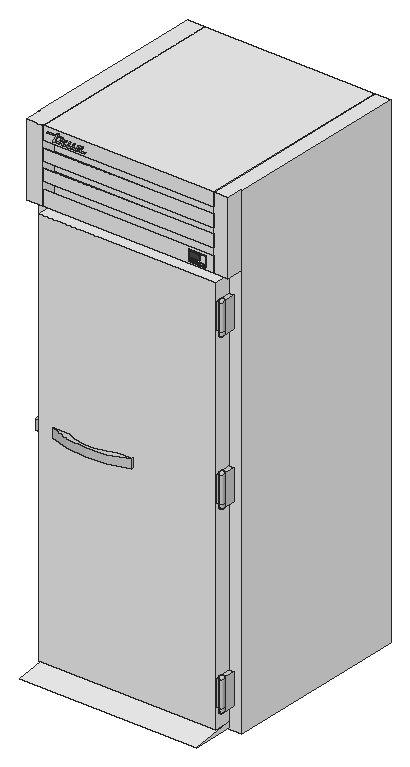
Revit family
Parameters
  Weight in Pounds = 0
  Watts = 2000 W
  Volts = 115 V
  URL Cutsheet = "www.truemfg.com"
  URL = "www.truemfg.com"
  Type Mark [instance] = ""
  Type Comments = ""
  Status [instance] = ""
  Specification by User [instance] = ""
  Specification by Manufacturer = ""
  Show Logo [instance] = yes
  Show Clearance [instance] = yes
  Serial Number = ""
  Seismic Rating = ""
  SMACNA No = ""
  Revision Code [instance] = ""
  Phase = 1
  Omniclass Number and Title = ""
  Number of Poles [instance] = 1
  NAFEM Spec ID Number = ""
  Model = "STR1HRI-1S"
  Min Ckt Ampacity = 0 A
  Max Overcurrent Protection = 0 A
  Masterspec = ""
  Manufacturer = "TRUE FOOD SERVICE EQUIPMENT, INC."
  Length = 35"
  Item Number [instance] = ""
  Installed By [instance] = ""
  Identify Quantity as Lot [instance] = yes
  Height = 83 3/4"
  HP = ""
  Furnished By [instance] = ""
  Foodservice Equipment Identifier [instance] = yes
  FL Amps = Watts / Volts  # 17.3913 A
  Electrical Remarks [instance] = ""
  Electric Connection Type [instance] = ""
  Elec Conn RI Height [instance] = 0"
  Elec Conn Connection Height [instance] = 0"
  Description = "Reach-in Solid Swing Heated Cabinet"
  Depth = 34 3/4"
  Cycle = 60 Hz
  Conn Plug = "14-20P"
  Conn Conduit = yes
  CSI MasterFormat = ""
  CSI Master Format = ""
  Apparent Power = if(Phase = 3, Volts * FL Amps * 1.73, Volts * FL Amps)  # 2000 VA
Reference planes (in)
  plane 1 "BACK": y = 0
  plane 2: z = 0
  plane 3 "LEFT": x = 0
  plane 4 "RIGHT": x = 35
  plane 5 "FRONT": y = -34.75
  plane 6 "TOP": z = 83.75
  plane 7: x = 2.84375
  plane 8: y = -34.7042
  plane 9: x = 32.15625
  plane 10: z = 69.90625
Forms (in)
  Extrusion 1, solid, material "QF_Finishes_Chrome - Satin"
    sketch origin (0.05, 0, 0) x (1, 0, 0) y (0, 1, 0)
      loop
        line (-0.05, 0) -> (-0.05, -32) -> (2.87859, -32) -> (2.87859, 0) -> (-0.05, 0)
    from 0 to 83.75
  Extrusion 2, solid, material "QF_Finishes_Chrome - Satin"
    sketch origin (50.15, 0, 0) x (1, 0, 0) y (0, 1, 0)
      loop
        line (-17.85, 0) -> (-17.85, -32) -> (-15.15, -32) -> (-15.15, 0) -> (-17.85, 0)
    from 0 to 83.75
  Extrusion 3, solid, material "QF_Finishes_Chrome - Satin"
    sketch origin (0, 0, 0) x (0, 1, 0) y (0, 0, 1)
      loop
        line (-34.7042, 71.28125) -> (-32, 71.28125) -> (-32, 0) -> (0, 0) -> (0, 83.75) -> (-34.7042, 83.75) -> (-34.7042, 81.46828) -> (-32.5, 79.90102) -> (-32.5, 78.77875) -> (-34.7042, 80.34601) -> (-34.7042, 78.2123) -> (-32.5, 76.64504) -> (-32.5, 75.68428) -> (-34.7042, 77.25154) -> (-34.7042, 75.15534) -> (-32.5, 73.58807) -> (-32.5, 72.3125) -> (-34.7042, 73.87976) -> (-34.7042, 71.28125)
    from 2.92859 to 32.3
  Extrusion 4, solid, material "QF_Finishes_Chrome - Satin"
    sketch origin (0, 0, 0) x (1, 0, 0) y (0, 1, 0)
      loop
        line (34.84782, -32) -> (32.3, -32) -> (32.3, -34.75) -> (34.84782, -34.75) -> (34.84782, -32)
    from 71.28125 to 83.75
  Extrusion 5, solid, material "QF_Finishes_Chrome - Satin"
    sketch origin (-50.125, 0, 0.25) x (1, 0, 0) y (0, 1, 0)
      loop
        line (53.05359, -32) -> (50.24109, -32) -> (50.24109, -34.75) -> (53.05359, -34.75) -> (53.05359, -32)
    from 71.03125 to 83.5
  Extrusion 6, solid, material "QF_Finishes_Chrome - Satin"
    sketch origin (-24.96875, -1, -0.71875) x (1, 0, 0) y (0, 0, 1)
      loop
        line (27.25, 1.71875) -> (57.65625, 1.71875) -> (57.65625, 70.625) -> (27.25, 70.625) -> (27.25, 1.71875)
    from 31 to 33.75
  Extrusion 7, solid, material "QF_Finishes_Handrails and Railings"
    sketch origin (58.625, -0.25, 25.43519) x (1, 0, 0) y (0, 1, 0)
      loop
        line (-53.875, -34.5) -> (-53.875, -34.7)
        arc (-53.875, -34.7) -> (-47.075, -36.14405) -> (-40.275, -34.7) r 16.7325
        line (-40.275, -34.7) -> (-40.275, -34.5) -> (-42.675, -34.5)
        arc (-42.675, -34.5) -> (-47.075, -35.65816) -> (-51.475, -34.5) r 8.93715
        line (-51.475, -34.5) -> (-53.875, -34.5)
    from 10.87731 to 12.37731
  Extrusion 8, solid, material "QF_Finishes_Handrails and Railings"
    sketch origin (-23.375, 0, -3) x (1, 0, 0) y (0, 0, 1)
      loop
        circle (26.4375, 40.0625) r 0.35
      loop
        line (26.47265, 40.33635) -> (26.41715, 40.33635) -> (26.41715, 39.76895) -> (26.47265, 39.76895) -> (26.47265, 40.33635)
    from 33.5 to 33.83066
  Extrusion 9, solid, material "QF_Finishes_Handrails and Railings", visible <- "Show Logo"
    sketch origin (0.33478, 0.06376, 5.01857) x (1, 0, 0) y (0, 0, 1)
      loop
        line (3.46044, 78.08731) -> (3.35478, 77.86073) -> (4.76027, 77.86073)
        arc (4.76027, 77.86073) -> (4.78879, 77.81028) -> (4.76027, 77.75984) r 0.05887
        line (4.76027, 77.75984) -> (4.39369, 76.97372)
        arc (4.39369, 76.97372) -> (4.39051, 76.90091) -> (4.43975, 76.84717) r 0.09523
        line (4.43975, 76.84717) -> (5.33844, 76.84717)
        arc (5.33844, 76.84717) -> (5.45192, 76.88295) -> (5.52436, 76.97735) r 0.19785
        line (5.52436, 76.97735) -> (5.81285, 77.59601) -> (6.0779, 77.59601)
        arc (6.0779, 77.59601) -> (6.14744, 77.57043) -> (6.13737, 77.49703) r 0.05911
        line (6.13737, 77.49703) -> (5.89598, 76.97937)
        arc (5.89598, 76.97937) -> (5.89974, 76.8934) -> (5.97231, 76.84717) r 0.09318
        line (5.97231, 76.84717) -> (6.76198, 76.84717)
        arc (6.76198, 76.84717) -> (6.82249, 76.86919) -> (6.85468, 76.92495) r 0.09412
        arc (6.85468, 76.92495) -> (6.87746, 76.86995) -> (6.93246, 76.84717) r 0.07778
        line (6.93246, 76.84717) -> (7.43246, 76.84717)
        arc (7.43246, 76.84717) -> (7.49022, 76.86265) -> (7.53251, 76.90493) r 0.11552
        arc (7.53251, 76.90493) -> (7.55275, 76.85606) -> (7.60162, 76.83581) r 0.06912
        line (7.60162, 76.83581) -> (8.31225, 76.83581)
        arc (8.31225, 76.83581) -> (8.37034, 76.85988) -> (8.39441, 76.91797) r 0.08216
        arc (8.39441, 76.91797) -> (8.44767, 76.86472) -> (8.52042, 76.84522) r 0.14551
        line (8.52042, 76.84522) -> (9.85158, 76.84522) -> (9.99946, 77.10134) -> (8.65678, 77.10134)
        arc (8.65678, 77.10134) -> (8.61972, 77.12704) -> (8.61834, 77.17211) r 0.05009
        line (8.61834, 77.17211) -> (8.64157, 77.22192)
        arc (8.64157, 77.22192) -> (8.67723, 77.26864) -> (8.73327, 77.28635) r 0.09747
        line (8.73327, 77.28635) -> (9.16485, 77.28635)
        arc (9.16485, 77.28635) -> (9.258, 77.31131) -> (9.32619, 77.3795) r 0.1863
        line (9.32619, 77.3795) -> (9.45119, 77.59601)
        arc (9.45119, 77.59601) -> (9.45119, 77.71157) -> (9.35111, 77.76934) r 0.11556
        line (9.35111, 77.76934) -> (8.89562, 77.76934)
        arc (8.89562, 77.76934) -> (8.7795, 77.74962) -> (8.69849, 77.66412) r 0.18605
        line (8.69849, 77.66412) -> (8.48204, 77.19993)
        arc (8.48204, 77.19993) -> (8.41815, 77.11667) -> (8.31806, 77.08511) r 0.1745
        line (8.31806, 77.08511) -> (7.84559, 77.08511)
        arc (7.84559, 77.08511) -> (7.78903, 77.14684) -> (7.79268, 77.23048) r 0.10939
        line (7.79268, 77.23048) -> (8.04395, 77.76934) -> (7.88403, 77.76934) -> (7.61781, 77.19844)
        arc (7.61781, 77.19844) -> (7.56609, 77.13103) -> (7.48505, 77.10548) r 0.14128
        line (7.48505, 77.10548) -> (7.15925, 77.10548)
        arc (7.15925, 77.10548) -> (7.10419, 77.17723) -> (7.116, 77.26689) r 0.11816
        line (7.116, 77.26689) -> (7.3503, 77.76934) -> (7.18514, 77.76934) -> (6.91546, 77.191)
        arc (6.91546, 77.191) -> (6.85285, 77.12839) -> (6.76733, 77.10548) r 0.17104
        line (6.76733, 77.10548) -> (6.29555, 77.10548)
        arc (6.29555, 77.10548) -> (6.21082, 77.14499) -> (6.20267, 77.23813) r 0.0935
        line (6.20267, 77.23813) -> (6.35774, 77.57069) -> (6.57695, 77.57069)
        arc (6.57695, 77.57069) -> (6.61395, 77.68217) -> (6.69267, 77.76934) r 0.2857
        line (6.69267, 77.76934) -> (5.83605, 77.76934)
        arc (5.83605, 77.76934) -> (5.74086, 77.74824) -> (5.67498, 77.67635) r 0.16212
        line (5.67498, 77.67635) -> (5.44279, 77.17841)
        arc (5.44279, 77.17841) -> (5.3894, 77.12502) -> (5.31647, 77.10548) r 0.14586
        line (5.31647, 77.10548) -> (4.80506, 77.10548)
        arc (4.80506, 77.10548) -> (4.76514, 77.15942) -> (4.77274, 77.22609) r 0.09155
        line (4.77274, 77.22609) -> (5.11018, 77.86073) -> (5.96155, 77.86073) -> (6.06721, 78.08731) -> (5.21584, 78.08731) -> (5.32149, 78.31388) -> (5.01862, 78.31388) -> (4.91297, 78.08731) -> (3.46044, 78.08731)
      loop
        arc (8.83805, 77.56363) -> (8.80119, 77.55375) -> (8.7742, 77.52676) r 0.07373
        line (8.7742, 77.52676) -> (8.75229, 77.45936)
        arc (8.75229, 77.45936) -> (8.76245, 77.43483) -> (8.78699, 77.42466) r 0.0347
        line (8.78699, 77.42466) -> (9.15948, 77.42466)
        arc (9.15948, 77.42466) -> (9.18632, 77.43061) -> (9.20812, 77.44734) r 0.0635
        line (9.20812, 77.44734) -> (9.22624, 77.53122)
        arc (9.22624, 77.53122) -> (9.22091, 77.55368) -> (9.20009, 77.56363) r 0.02676
        line (9.20009, 77.56363) -> (8.83805, 77.56363)
    from 34.76797 to 34.83173
  Extrusion 10, solid, material "QF_Finishes_White"
    sketch origin (-22.74812, 0.0458, -7.91247) x (1, 0, 0) y (0, 0, 1)
      loop
        line (50.81732, 81.35727) -> (50.81732, 79.60996) -> (53.72357, 79.60996) -> (53.72357, 81.35727) -> (50.81732, 81.35727)
    from 34.75 to 34.76797
  Extrusion 11, solid, material "QF_Finishes_Black"
    sketch origin (-22.74812, 0.0458, -7.91247) x (1, 0, 0) y (0, 0, 1)
      loop
        line (53.78607, 81.41977) -> (50.75482, 81.41977) -> (50.75482, 79.54746) -> (53.78607, 79.54746) -> (53.78607, 81.41977)
      loop
        spline (50.95482, 79.87872) -> (50.96333, 79.86254) -> (50.98831, 79.84747) -> (51.02804, 79.83452) -> (51.07982, 79.82459) -> (51.14011, 79.81835) -> (51.20482, 79.81622) -> (51.26952, 79.81835) -> (51.32982, 79.82459) -> (51.38159, 79.83452) -> (51.42132, 79.84747) -> (51.4463, 79.86254) -> (51.45482, 79.87872)
        spline (51.45482, 79.87872) -> (51.4463, 79.89489) -> (51.42132, 79.90997) -> (51.38159, 79.92291) -> (51.32982, 79.93284) -> (51.26952, 79.93909) -> (51.20482, 79.94122) -> (51.14011, 79.93909) -> (51.07982, 79.93284) -> (51.02804, 79.92291) -> (50.98831, 79.90997) -> (50.96333, 79.89489) -> (50.95482, 79.87872)
      loop
        spline (51.65083, 79.87872) -> (51.65935, 79.86254) -> (51.68432, 79.84747) -> (51.72405, 79.83452) -> (51.77583, 79.82459) -> (51.83612, 79.81835) -> (51.90083, 79.81622) -> (51.96553, 79.81835) -> (52.02583, 79.82459) -> (52.07761, 79.83452) -> (52.11734, 79.84747) -> (52.14231, 79.86254) -> (52.15083, 79.87872)
        spline (52.15083, 79.87872) -> (52.14231, 79.89489) -> (52.11734, 79.90997) -> (52.07761, 79.92291) -> (52.02583, 79.93284) -> (51.96553, 79.93909) -> (51.90083, 79.94122) -> (51.83612, 79.93909) -> (51.77583, 79.93284) -> (51.72405, 79.92291) -> (51.68432, 79.90997) -> (51.65935, 79.89489) -> (51.65083, 79.87872)
      loop
        spline (52.40083, 79.87872) -> (52.40935, 79.86254) -> (52.43432, 79.84747) -> (52.47405, 79.83452) -> (52.52583, 79.82459) -> (52.58612, 79.81835) -> (52.65083, 79.81622) -> (52.71553, 79.81835) -> (52.77583, 79.82459) -> (52.82761, 79.83452) -> (52.86734, 79.84747) -> (52.89231, 79.86254) -> (52.90083, 79.87872)
        spline (52.90083, 79.87872) -> (52.89231, 79.89489) -> (52.86734, 79.90997) -> (52.82761, 79.92291) -> (52.77583, 79.93284) -> (52.71553, 79.93909) -> (52.65083, 79.94122) -> (52.58612, 79.93909) -> (52.52583, 79.93284) -> (52.47405, 79.92291) -> (52.43432, 79.90997) -> (52.40935, 79.89489) -> (52.40083, 79.87872)
      loop
        line (50.95481, 81.21978) -> (50.95481, 80.21978) -> (52.65433, 80.21978) -> (52.65433, 81.21978) -> (50.95481, 81.21978)
      loop
        line (53.72357, 81.35727) -> (50.81732, 81.35727) -> (50.81732, 79.60996) -> (53.72357, 79.60996) -> (53.72357, 81.35727)
      loop
        spline (53.15083, 79.87872) -> (53.15935, 79.86254) -> (53.18432, 79.84747) -> (53.22405, 79.83452) -> (53.27583, 79.82459) -> (53.33612, 79.81835) -> (53.40083, 79.81622) -> (53.46553, 79.81835) -> (53.52583, 79.82459) -> (53.57761, 79.83452) -> (53.61734, 79.84747) -> (53.64231, 79.86254) -> (53.65083, 79.87872)
        spline (53.65083, 79.87872) -> (53.64231, 79.89489) -> (53.61734, 79.90997) -> (53.57761, 79.92291) -> (53.52583, 79.93284) -> (53.46553, 79.93909) -> (53.40083, 79.94122) -> (53.33612, 79.93909) -> (53.27583, 79.93284) -> (53.22405, 79.92291) -> (53.18432, 79.90997) -> (53.15935, 79.89489) -> (53.15083, 79.87872)
    from 34.76797 to 34.80335
  Extrusion 12, solid
    sketch origin (-25.125, 0, 0) x (1, 0, 0) y (0, 0, 1)
      loop
        circle (56.875, 81.625) r 0.25
    from 0 to 0.0625
  Blend 13, solid, material "QF_Finishes_Handrails and Railings"
    base sketch origin (27.53125, -1, -1) x (-1, 0, 0) y (0, 0, -1)
      loop
        line (25.25, -38.99169) -> (26, -38.99169) -> (26, -37.24169) -> (25.25, -37.24169) -> (25.25, -38.99169)
    top sketch origin (27.53125, 0, -1) x (-1, 0, 0) y (0, 0, -1)
      loop
        line (26.18223, -36.6441) -> (25.25, -36.6441) -> (25.25, -39.42643) -> (26.18223, -39.42643) -> (26.18223, -36.6441)
    from 33.57883 to 32
  Extrusion 14, solid, material "QF_Finishes_Handrails and Railings"
    sketch origin (33.78125, 0, 3) x (0, 1, 0) y (0, 0, -1)
      loop
        line (-32, -64.17729) -> (-32, -58.86127) -> (-34.25, -58.86127) -> (-34.25, -59.57348) -> (-33.81497, -59.57348) -> (-33.81497, -63.97276)
        arc (-33.81497, -63.97276) -> (-33.75506, -64.11738) -> (-33.61044, -64.17729) r 0.20453
        line (-33.61044, -64.17729) -> (-32, -64.17729)
    from 0.17506 to 1
  Revolve 15, solid, material "QF_Finishes_Handrails and Railings"
    sketch origin (33.28125, 0, 3) x (0, 1, 0) y (0, 0, -1)
      loop
        line (-34.26563, -59.62689) -> (-34.67229, -59.62689) -> (-34.67229, -64.0986)
        arc (-34.67229, -64.0986) -> (-34.53722, -64.35057) -> (-34.26563, -64.43983) r 0.3848
        line (-34.26563, -64.43983) -> (-34.26563, -59.62689)
      loop
        line (-34.26563, -59.57348) -> (-34.26563, -58.67281)
        arc (-34.26563, -58.67281) -> (-34.53264, -58.75883) -> (-34.67229, -59.00212) r 0.38884
        line (-34.67229, -59.00212) -> (-34.67229, -59.57348) -> (-34.26563, -59.57348)
      axis (-34.26563, -58.67281) -> (-34.26563, -64.43983)
    angle from 0 to 360
  Extrusion 16, solid, material "QF_Finishes_Handrails and Railings"
    sketch origin (27.5, -1.07734, 3.0011) x (-1, 0, 0) y (0, 0, -1)
      loop
        line (-5.58509, -64.0986) -> (-5.1875, -64.0986) -> (-5.1875, -59.62579) -> (-5.58509, -59.62579) -> (-5.58509, -64.0986)
    from 32.81497 to 33.59495
  Extrusion 17, solid, material "QF_Finishes_Handrails and Railings"
    sketch origin (33.78125, 0, -24) x (0, 1, 0) y (0, 0, -1)
      loop
        line (-32, -64.55229) -> (-32, -59.23627) -> (-34.25, -59.23627) -> (-34.25, -59.94848) -> (-33.81497, -59.94848) -> (-33.81497, -64.34776)
        arc (-33.81497, -64.34776) -> (-33.75506, -64.49238) -> (-33.61044, -64.55229) r 0.20453
        line (-33.61044, -64.55229) -> (-32, -64.55229)
    from 0.17506 to 1
  Revolve 18, solid, material "QF_Finishes_Handrails and Railings"
    sketch origin (33.28125, 0, -24) x (0, 1, 0) y (0, 0, -1)
      loop
        line (-34.26563, -60.00189) -> (-34.67229, -60.00189) -> (-34.67229, -64.4736)
        arc (-34.67229, -64.4736) -> (-34.53722, -64.72557) -> (-34.26563, -64.81483) r 0.3848
        line (-34.26563, -64.81483) -> (-34.26563, -60.00189)
      loop
        line (-34.26563, -59.94848) -> (-34.26563, -59.04781)
        arc (-34.26563, -59.04781) -> (-34.53264, -59.13383) -> (-34.67229, -59.37712) r 0.38884
        line (-34.67229, -59.37712) -> (-34.67229, -59.94848) -> (-34.26563, -59.94848)
      axis (-34.26563, -59.04781) -> (-34.26563, -64.81483)
    angle from 0 to 360
  Extrusion 19, solid, material "QF_Finishes_Handrails and Railings"
    sketch origin (27.5, -1.07734, -23.9989) x (-1, 0, 0) y (0, 0, -1)
      loop
        line (-5.58509, -64.4736) -> (-5.1875, -64.4736) -> (-5.1875, -60.00079) -> (-5.58509, -60.00079) -> (-5.58509, -64.4736)
    from 32.81497 to 33.59495
  Extrusion 20, solid, material "QF_Finishes_Handrails and Railings"
    sketch origin (33.78125, 0, -55.5) x (0, 1, 0) y (0, 0, -1)
      loop
        line (-32, -64.55229) -> (-32, -59.23627) -> (-34.25, -59.23627) -> (-34.25, -59.94848) -> (-33.81497, -59.94848) -> (-33.81497, -64.34776)
        arc (-33.81497, -64.34776) -> (-33.75506, -64.49238) -> (-33.61044, -64.55229) r 0.20453
        line (-33.61044, -64.55229) -> (-32, -64.55229)
    from 0.17506 to 1
  Revolve 21, solid, material "QF_Finishes_Handrails and Railings"
    sketch origin (33.28125, 0, -55.5) x (0, 1, 0) y (0, 0, -1)
      loop
        line (-34.26563, -60.00189) -> (-34.67229, -60.00189) -> (-34.67229, -64.4736)
        arc (-34.67229, -64.4736) -> (-34.53722, -64.72557) -> (-34.26563, -64.81483) r 0.3848
        line (-34.26563, -64.81483) -> (-34.26563, -60.00189)
      loop
        line (-34.26563, -59.94848) -> (-34.26563, -59.04781)
        arc (-34.26563, -59.04781) -> (-34.53264, -59.13383) -> (-34.67229, -59.37712) r 0.38884
        line (-34.67229, -59.37712) -> (-34.67229, -59.94848) -> (-34.26563, -59.94848)
      axis (-34.26563, -59.04781) -> (-34.26563, -64.81483)
    angle from 0 to 360
  Extrusion 22, solid, material "QF_Finishes_Handrails and Railings"
    sketch origin (27.5, -1.07734, -55.4989) x (-1, 0, 0) y (0, 0, -1)
      loop
        line (-5.58509, -64.4736) -> (-5.1875, -64.4736) -> (-5.1875, -60.00079) -> (-5.58509, -60.00079) -> (-5.58509, -64.4736)
    from 32.81497 to 33.59495
  Extrusion 23, solid, material "QF_Finishes_Door Clearance", visible <- "Show Clearance", detail levels coarse
    sketch origin (26.42841, -3.6098, 0) x (1, 0, 0) y (0, 1, 0)
      loop
        line (6.25909, -31.1402) -> (-24.14716, -31.1402)
        arc (-24.14716, -31.1402) -> (-15.24138, -52.64067) -> (6.25909, -61.54645) r 30.40625
        line (6.25909, -61.54645) -> (6.25909, -31.1402)
    from 1 to 69.90625
  Extrusion 24, solid, material "QF_Finishes_Chrome - Satin"
    sketch origin (32.6875, -1, 8.03125) x (0, 0, 1) y (0, -1, 0)
      loop
        line (-8.03125, 37.875) -> (-8.03125, 31) -> (-7.03125, 31) -> (-8.03125, 37.875)
    from 0 to -30.40625
Cuts and joins
  joined: Extrusion 1, Extrusion 2, Extrusion 4, Extrusion 5
Lines and regions (in)
  symbolic lines
    curve 1: line (0, 0, 0) -> (35, 0, 0)
    curve 2: line (0, -34.75, 0) -> (0, 0, 0)
    curve 3: line (35, -34.75, 0) -> (0, -34.75, 0)
    curve 4: line (35, 0, 0) -> (35, -34.75, 0)
    curve 5: line (35, -32.5, 0) -> (0, -32.5, 0)
    curve 6: arc (15.95746, -34.75, 0) -> (11.55746, -35.90816, 0) -> (7.15746, -34.75, 0) r 8.93715
    curve 7: arc (4.75746, -34.95, 0) -> (11.55746, -36.39405, 0) -> (18.35746, -34.95, 0) r 16.7325
    curve 8: line (4.75746, -34.75, 0) -> (4.75746, -34.95, 0)
    curve 9: line (18.35746, -34.95, 0) -> (18.35746, -34.75, 0)
  symbolic lines, style "QF-Door Swings", visible <- "Show Clearance", detail levels coarse
    curve 10: line (32.6875, -34.75, 0) -> (32.6875, -65.15625, 0)
    curve 11: arc (32.6875, -65.15625, 0) -> (11.18703, -56.25047, 0) -> (2.28125, -34.75, 0) r 30.40625
Dimensions and locks (in)
  "Depth": plane 5 "FRONT" to plane 1 "BACK"
  plane 6 "TOP" to level = 83 3/4"  (x2)
  Extrusion 6 sketch curve to Extrusion 6 sketch curve = 30 13/32"
  Extrusion 6 to plane 1 "BACK" = 34 3/4"
  "Length": plane 3 "LEFT" to plane 4 "RIGHT"
  plane 4 "RIGHT" to plane 3 "LEFT" = 35"
  plane 10 to level = 69 29/32"
  aligned and locked: level to plane 2
Automatic sketch dimensions
  Extrusion 1 sketch curve to plane 3 "LEFT" = 0"
  plane 1 "BACK" to Extrusion 1 sketch curve = 0"
  Extrusion 1 sketch curve to Extrusion 1 sketch curve = 2.92859"
  Extrusion 1 sketch curve to plane 5 "FRONT" = 2 3/4"
  plane 1 "BACK" to Extrusion 2 sketch curve = 0"
  Extrusion 2 sketch curve to plane 4 "RIGHT" = 0"
  Extrusion 2 sketch curve to plane 5 "FRONT" = 2 3/4"
  plane 5 "FRONT" to Extrusion 4 sketch curve = 0"
  Extrusion 4 sketch curve to plane 4 "RIGHT" = 0.15218"
  Extrusion 4 sketch curve to plane 5 "FRONT" = 2 3/4"
  plane 5 "FRONT" to Extrusion 5 sketch curve = 0"
  plane 3 "LEFT" to Extrusion 5 sketch curve = 0.11609"
  Extrusion 5 sketch curve to Extrusion 5 sketch curve = 2 13/16"
  Extrusion 5 sketch curve to plane 5 "FRONT" = 2 3/4"
  plane 5 "FRONT" to Extrusion 7 sketch curve = 0"  (x2)
  Extrusion 7 sketch curve to Extrusion 7 sketch curve = 2.4"  (x2)
  Extrusion 7 sketch curve to Extrusion 7 sketch curve = 4.4"
  Extrusion 7 sketch curve to Extrusion 7 sketch curve = 0"
  Extrusion 7 sketch curve to Extrusion 7 sketch curve = 0.2"
  Extrusion 7 sketch curve to plane 5 "FRONT" = 7.77899"
  Extrusion 7 sketch curve to Extrusion 7 sketch curve = 7.30945"
  Extrusion 8 sketch curve to Extrusion 8 sketch curve = 0.02035"
  Extrusion 8 sketch curve to Extrusion 8 sketch curve = 0.0555"
  Extrusion 8 sketch curve to Extrusion 8 sketch curve = 0.29355"
  Extrusion 8 sketch curve to Extrusion 8 sketch curve = 0.27385"
  plane 3 "LEFT" to Extrusion 9 sketch curve = 3.68957"
  Extrusion 9 sketch curve to Extrusion 9 sketch curve = 0.10565"  (x5)
  Extrusion 9 sketch curve to Extrusion 9 sketch curve = 1.03891"
  Extrusion 9 sketch curve to Extrusion 9 sketch curve = 0.04606"
  Extrusion 9 sketch curve to Extrusion 9 sketch curve = 0.04025"
  Extrusion 9 sketch curve to Extrusion 9 sketch curve = 0.33624"
  Extrusion 9 sketch curve to Extrusion 9 sketch curve = 0.03034"  (x2)
  Extrusion 9 sketch curve to Extrusion 9 sketch curve = 0.29274"
  Extrusion 9 sketch curve to Extrusion 9 sketch curve = 0.03232"
  Extrusion 9 sketch curve to Extrusion 9 sketch curve = 0.08083"
  Extrusion 9 sketch curve to Extrusion 9 sketch curve = 0.1527"
  Extrusion 9 sketch curve to Extrusion 9 sketch curve = 0.19721"
  Extrusion 9 sketch curve to Extrusion 9 sketch curve = 0.4629"
  Extrusion 9 sketch curve to Extrusion 9 sketch curve = 0.02197"
  Extrusion 9 sketch curve to Extrusion 9 sketch curve = 0.12632"
  Extrusion 9 sketch curve to Extrusion 9 sketch curve = 0.18591"
  Extrusion 9 sketch curve to Extrusion 9 sketch curve = 0.2322"
  Extrusion 9 sketch curve to Extrusion 9 sketch curve = 0.13786"
  Extrusion 9 sketch curve to Extrusion 9 sketch curve = 0.00907"
  Extrusion 9 sketch curve to Extrusion 9 sketch curve = 0.01413"
  Extrusion 9 sketch curve to Extrusion 9 sketch curve = 0.37162"
  Extrusion 9 sketch curve to Extrusion 9 sketch curve = 0.12551"
  Extrusion 9 sketch curve to Extrusion 9 sketch curve = 0.07633"
  Extrusion 9 sketch curve to Extrusion 9 sketch curve = 0.08445"
  Extrusion 9 sketch curve to Extrusion 9 sketch curve = 0.25598"
  Extrusion 9 sketch curve to Extrusion 9 sketch curve = 0.01887"
  Extrusion 9 sketch curve to Extrusion 9 sketch curve = 0.04061"
  Extrusion 9 sketch curve to Extrusion 9 sketch curve = 0.0653"
  Extrusion 9 sketch curve to Extrusion 9 sketch curve = 0.08474"
  Extrusion 9 sketch curve to Extrusion 9 sketch curve = 0.00815"
  Extrusion 9 sketch curve to Extrusion 9 sketch curve = 0.22037"
  Extrusion 9 sketch curve to Extrusion 9 sketch curve = 0.21921"
  Extrusion 9 sketch curve to Extrusion 9 sketch curve = 0.11572"
  Extrusion 9 sketch curve to Extrusion 9 sketch curve = 0.46643"
  Extrusion 9 sketch curve to Extrusion 9 sketch curve = 0.00535"
  Extrusion 9 sketch curve to Extrusion 9 sketch curve = 0.09269"
  Extrusion 9 sketch curve to Extrusion 9 sketch curve = 0.09348"
  Extrusion 9 sketch curve to Extrusion 9 sketch curve = 0.14812"
  Extrusion 9 sketch curve to Extrusion 9 sketch curve = 0.07778"  (x3)
  Extrusion 9 sketch curve to Extrusion 9 sketch curve = 0.20054"
  Extrusion 9 sketch curve to Extrusion 9 sketch curve = 0.04325"
  Extrusion 9 sketch curve to Extrusion 9 sketch curve = 0.32433"
  Extrusion 9 sketch curve to Extrusion 9 sketch curve = 0.10233"  (x2)
  Extrusion 9 sketch curve to Extrusion 9 sketch curve = 0.16515"
  Extrusion 9 sketch curve to Extrusion 9 sketch curve = 0.27321"
  Extrusion 9 sketch curve to Extrusion 9 sketch curve = 0.0526"
  Extrusion 9 sketch curve to Extrusion 9 sketch curve = 0.10005"
  Extrusion 9 sketch curve to Extrusion 9 sketch curve = 0.06912"
  Extrusion 9 sketch curve to Extrusion 9 sketch curve = 0.13276"
  Extrusion 9 sketch curve to Extrusion 9 sketch curve = 0.17486"
  Extrusion 9 sketch curve to Extrusion 9 sketch curve = 0.05291"
  Extrusion 9 sketch curve to Extrusion 9 sketch curve = 0.53374"
  Extrusion 9 sketch curve to Extrusion 9 sketch curve = 0.09914"  (x2)
  Extrusion 9 sketch curve to Extrusion 9 sketch curve = 0.15992"
  Extrusion 9 sketch curve to Extrusion 9 sketch curve = 0.46666"
  Extrusion 9 sketch curve to Extrusion 9 sketch curve = 0.00582"
  Extrusion 9 sketch curve to Extrusion 9 sketch curve = 0.08216"
  Extrusion 9 sketch curve to Extrusion 9 sketch curve = 0.16397"
  Extrusion 9 sketch curve to Extrusion 9 sketch curve = 0.12601"
  Extrusion 9 sketch curve to Extrusion 9 sketch curve = 0.1363"
  Extrusion 9 sketch curve to Extrusion 9 sketch curve = 0.02323"
  Extrusion 9 sketch curve to Extrusion 9 sketch curve = 0.03844"
  Extrusion 9 sketch curve to Extrusion 9 sketch curve = 0.0454"
  Extrusion 9 sketch curve to Extrusion 9 sketch curve = 0.05693"
  Extrusion 9 sketch curve to Extrusion 9 sketch curve = 0.0917"
  Extrusion 9 sketch curve to Extrusion 9 sketch curve = 0.01902"
  Extrusion 9 sketch curve to Extrusion 9 sketch curve = 0.02191"
  Extrusion 9 sketch curve to Extrusion 9 sketch curve = 0.0347"
  Extrusion 9 sketch curve to Extrusion 9 sketch curve = 0.06385"
  Extrusion 9 sketch curve to Extrusion 9 sketch curve = 0.02906"
  Extrusion 9 sketch curve to Extrusion 9 sketch curve = 0.02851"
  Extrusion 9 sketch curve to Extrusion 9 sketch curve = 0.29237"
  Extrusion 9 sketch curve to Extrusion 9 sketch curve = 0.00537"
  Extrusion 9 sketch curve to Extrusion 9 sketch curve = 0.0406"
  Extrusion 9 sketch curve to Extrusion 9 sketch curve = 0.04327"
  Extrusion 9 sketch curve to Extrusion 9 sketch curve = 0.02615"
  Extrusion 9 sketch curve to Extrusion 9 sketch curve = 0.11806"
  Extrusion 9 sketch curve to Extrusion 9 sketch curve = 0.15103"
  Extrusion 9 sketch curve to Extrusion 9 sketch curve = 0.10007"
  Extrusion 9 sketch curve to Extrusion 9 sketch curve = 0.5254"
  Extrusion 9 sketch curve to Extrusion 9 sketch curve = 0.14787"
  Extrusion 9 sketch curve to plane 6 "TOP" = 1.89562"
  Extrusion 9 sketch curve to Extrusion 9 sketch curve = 0.07275"
  Extrusion 9 sketch curve to Extrusion 9 sketch curve = 0.05776"
  Extrusion 9 sketch curve to Extrusion 9 sketch curve = 0.08631"
  Extrusion 9 sketch curve to Extrusion 9 sketch curve = 0.09282"
  Extrusion 9 sketch curve to Extrusion 9 sketch curve = 0.13018"
  Extrusion 9 sketch curve to Extrusion 9 sketch curve = 0.16714"
  Extrusion 9 sketch curve to Extrusion 9 sketch curve = 0.11061"
  Extrusion 9 sketch curve to Extrusion 9 sketch curve = 0.06046"
  Extrusion 9 sketch curve to Extrusion 9 sketch curve = 0.16548"
  Extrusion 9 sketch curve to Extrusion 9 sketch curve = 0.14279"
  Extrusion 9 sketch curve to Extrusion 9 sketch curve = 0.0496"
  Extrusion 9 sketch curve to Extrusion 9 sketch curve = 0.07293"
  Extrusion 9 sketch curve to Extrusion 9 sketch curve = 0.07764"
  Extrusion 9 sketch curve to Extrusion 9 sketch curve = 0.03794"
  Extrusion 9 sketch curve to Extrusion 9 sketch curve = 0.08552"
  Extrusion 9 sketch curve to Extrusion 9 sketch curve = 0.09296"
  Extrusion 9 sketch curve to Extrusion 9 sketch curve = 0.09314"
  Extrusion 9 sketch curve to Extrusion 9 sketch curve = 0.02781"
  Extrusion 9 sketch curve to Extrusion 9 sketch curve = 0.04981"
  Extrusion 9 sketch curve to Extrusion 9 sketch curve = 0.09315"
  Extrusion 9 sketch curve to Extrusion 9 sketch curve = 0.04799"
  Extrusion 9 sketch curve to Extrusion 9 sketch curve = 0.02531"
  Extrusion 9 sketch curve to Extrusion 9 sketch curve = 0.03054"
  Extrusion 9 sketch curve to Extrusion 9 sketch curve = 0.2589"
  Extrusion 9 sketch curve to Extrusion 9 sketch curve = 0.0674"
  Extrusion 9 sketch curve to Extrusion 9 sketch curve = 0.0324"
  Extrusion 9 sketch curve to Extrusion 9 sketch curve = 0.26185"
  Extrusion 9 sketch curve to Extrusion 9 sketch curve = 11/256"
  Extrusion 9 sketch curve to Extrusion 9 sketch curve = 0.07366"
  Extrusion 9 sketch curve to Extrusion 9 sketch curve = 0.02187"
  Extrusion 9 sketch curve to Extrusion 9 sketch curve = 0.06479"
  Extrusion 9 sketch curve to Extrusion 9 sketch curve = 0.01183"
  Extrusion 9 sketch curve to Extrusion 9 sketch curve = 0.05778"
  Extrusion 9 sketch curve to Extrusion 9 sketch curve = 0.53375"
  Extrusion 9 sketch curve to Extrusion 9 sketch curve = 0.23098"
  Extrusion 9 sketch curve to Extrusion 9 sketch curve = 0"
  Extrusion 9 sketch curve to Extrusion 9 sketch curve = 0.05045"
  Extrusion 9 sketch curve to Extrusion 9 sketch curve = 0.09139"
  Extrusion 9 sketch curve to Extrusion 9 sketch curve = 29/128"  (x3)
  Extrusion 12 sketch curve to plane 6 "TOP" = 2 1/8"
  Blend 13 sketch curve to Blend 13 sketch curve = 1 3/4"
  Blend 13 sketch curve to Blend 13 sketch curve = 2.78233"
  Extrusion 14 sketch curve to plane 5 "FRONT" = 1/2"
  Extrusion 14 sketch curve to Extrusion 14 sketch curve = 0.43503"
  Extrusion 14 sketch curve to Extrusion 14 sketch curve = 0.20453"
  Extrusion 14 sketch curve to Extrusion 14 sketch curve = 1.61044"
  Extrusion 14 sketch curve to plane 6 "TOP" = 16.57271"
  Extrusion 14 sketch curve to Extrusion 14 sketch curve = 4.39928"
  Extrusion 14 sketch curve to Extrusion 14 sketch curve = 0.71221"
  Revolve 15 sketch curve to plane 5 "FRONT" = 0.07771"  (x2)
  Revolve 15 sketch curve to Revolve 15 sketch curve = 0.38242"
  Revolve 15 sketch curve to Revolve 15 sketch curve = 0.38436"
  Revolve 15 sketch curve to plane 5 "FRONT" = 31/64"
  Revolve 15 sketch curve to Revolve 15 sketch curve = 0.40666"
  Revolve 15 sketch curve to Revolve 15 sketch curve = 0"
  Revolve 15 sketch curve to plane 6 "TOP" = 15.75492"
  Revolve 15 sketch curve to Revolve 15 sketch curve = 0.55526"
  Revolve 15 sketch curve to Revolve 15 sketch curve = 0.19474"
  Revolve 15 sketch curve to Revolve 15 sketch curve = 0.14649"
  Revolve 15 sketch curve to Revolve 15 sketch curve = 4.42889"
  Revolve 15 sketch curve to Revolve 15 sketch curve = 0.05342"
  Revolve 15 sketch curve to Revolve 15 sketch curve = 0.51246"
  Revolve 15 sketch curve to Revolve 15 sketch curve = 0.05889"
  Extrusion 16 sketch curve to Extrusion 16 sketch curve = 0.39759"
  Extrusion 16 sketch curve to plane 6 "TOP" = 16.6503"
  Extrusion 16 sketch curve to Extrusion 16 sketch curve = 4.47281"
  Extrusion 17 sketch curve to plane 5 "FRONT" = 1/2"
  Extrusion 17 sketch curve to Extrusion 17 sketch curve = 0.43503"
  Extrusion 17 sketch curve to Extrusion 17 sketch curve = 0.20453"
  Extrusion 17 sketch curve to Extrusion 17 sketch curve = 1.61044"
  Extrusion 17 sketch curve to Extrusion 17 sketch curve = 4.39928"
  Extrusion 17 sketch curve to Extrusion 17 sketch curve = 0.71221"
  Revolve 18 sketch curve to plane 5 "FRONT" = 0.07771"  (x2)
  Revolve 18 sketch curve to Revolve 18 sketch curve = 0.38242"
  Revolve 18 sketch curve to Revolve 18 sketch curve = 0.38436"
  Revolve 18 sketch curve to plane 5 "FRONT" = 31/64"
  Revolve 18 sketch curve to Revolve 18 sketch curve = 0.40666"
  Revolve 18 sketch curve to Revolve 18 sketch curve = 0"
  Revolve 18 sketch curve to Revolve 18 sketch curve = 0.55526"
  Revolve 18 sketch curve to Revolve 18 sketch curve = 0.19474"
  Revolve 18 sketch curve to Revolve 18 sketch curve = 0.14649"
  Revolve 18 sketch curve to Revolve 18 sketch curve = 4.42889"
  Revolve 18 sketch curve to Revolve 18 sketch curve = 0.05342"
  Revolve 18 sketch curve to Revolve 18 sketch curve = 0.51246"
  Revolve 18 sketch curve to Revolve 18 sketch curve = 0.05889"
  Extrusion 19 sketch curve to Extrusion 19 sketch curve = 0.39759"
  Extrusion 19 sketch curve to Extrusion 19 sketch curve = 4.47281"
  Extrusion 20 sketch curve to plane 5 "FRONT" = 1/2"
  Extrusion 20 sketch curve to Extrusion 20 sketch curve = 0.43503"
  Extrusion 20 sketch curve to Extrusion 20 sketch curve = 0.20453"
  Extrusion 20 sketch curve to Extrusion 20 sketch curve = 1.61044"
  Extrusion 20 sketch curve to Extrusion 20 sketch curve = 0.71221"
  Revolve 21 sketch curve to plane 5 "FRONT" = 0.07771"  (x2)
  Revolve 21 sketch curve to Revolve 21 sketch curve = 0.38242"
  Revolve 21 sketch curve to Revolve 21 sketch curve = 0.38436"
  Revolve 21 sketch curve to plane 5 "FRONT" = 31/64"
  Revolve 21 sketch curve to Revolve 21 sketch curve = 0.40666"
  Revolve 21 sketch curve to Revolve 21 sketch curve = 0"
  Revolve 21 sketch curve to Revolve 21 sketch curve = 0.55526"
  Revolve 21 sketch curve to Revolve 21 sketch curve = 0.19474"
  Revolve 21 sketch curve to Revolve 21 sketch curve = 0.14649"
  Revolve 21 sketch curve to Revolve 21 sketch curve = 0.05342"
  Revolve 21 sketch curve to Revolve 21 sketch curve = 0.51246"
  Revolve 21 sketch curve to Revolve 21 sketch curve = 0.05889"
  Extrusion 22 sketch curve to Extrusion 22 sketch curve = 0.39759"
  Extrusion 3 sketch curve to plane 8 = 0"  (x4)
  Extrusion 3 sketch curve to plane 6 "TOP" = 0"
  plane 8 to Extrusion 3 sketch curve = 2.2042"  (x2)
  Extrusion 3 sketch curve to Extrusion 3 sketch curve = 0"
  Extrusion 3 sketch curve to Extrusion 3 sketch curve = 1/2"
  plane 1 "BACK" to Extrusion 3 sketch curve = 0"
  Extrusion 3 sketch curve to plane 6 "TOP" = 2.28172"
  Extrusion 3 sketch curve to Extrusion 3 sketch curve = 1.12227"  (x2)
  Extrusion 3 sketch curve to Extrusion 3 sketch curve = 0.445"
  Extrusion 3 sketch curve to Extrusion 3 sketch curve = 2.13371"  (x2)
  Extrusion 3 sketch curve to Extrusion 3 sketch curve = 0.96076"  (x2)
  Extrusion 3 sketch curve to Extrusion 3 sketch curve = 2.0962"  (x2)
  Extrusion 3 sketch curve to Extrusion 3 sketch curve = 1.27557"  (x2)
  Extrusion 3 sketch curve to Extrusion 3 sketch curve = 1 1/32"
  Blend 13 sketch curve to Blend 13 sketch curve = 3/4"
  Blend 13 sketch curve to Blend 13 sketch curve = 0.93223"
  Extrusion 2 sketch curve to plane 4 "RIGHT" = 2.7"
  Extrusion 4 sketch curve to Extrusion 4 sketch curve = 2.54782"
  plane 7 to Extrusion 7 sketch curve = 1 29/32"
  plane 7 to Extrusion 8 sketch curve = 0.1984"
  Extrusion 12 sketch curve to plane 4 "RIGHT" = 3 1/4"
  Blend 13 sketch curve to plane 7 = 9/16"
  plane 7 to Blend 13 sketch curve = 9/16"
  Extrusion 16 sketch curve to plane 4 "RIGHT" = 1.91491"
  Extrusion 19 sketch curve to plane 4 "RIGHT" = 1.91491"
  Extrusion 22 sketch curve to plane 4 "RIGHT" = 1.91491"
  Extrusion 11 sketch curve to Extrusion 11 sketch curve = 1/4"  (x4)
  Extrusion 11 sketch curve to Extrusion 11 sketch curve = 0.4965"
  Extrusion 11 sketch curve to Extrusion 11 sketch curve = 0.0035"
  Extrusion 11 sketch curve to Extrusion 11 sketch curve = 1/2"
  Extrusion 11 sketch curve to Extrusion 11 sketch curve = 0.44601"
  Extrusion 11 sketch curve to Extrusion 11 sketch curve = 0"  (x3)
  Extrusion 11 sketch curve to Extrusion 11 sketch curve = 0.1375"  (x2)
  Extrusion 11 sketch curve to Extrusion 11 sketch curve = 1/16"  (x4)
  Extrusion 11 sketch curve to plane 6 "TOP" = 12.11501"
  Extrusion 11 sketch curve to Extrusion 11 sketch curve = 0.26876"  (x2)
  Extrusion 11 sketch curve to Extrusion 11 sketch curve = 0.34106"
  Extrusion 11 sketch curve to plane 6 "TOP" = 10.44269"
  Extrusion 10 sketch curve to plane 6 "TOP" = 10.30519"
  Extrusion 10 sketch curve to Extrusion 10 sketch curve = 1.74732"
  Extrusion 10 sketch curve to plane 4 "RIGHT" = 6.9308"
  Extrusion 10 sketch curve to Extrusion 10 sketch curve = 2 29/32"
  Extrusion 11 sketch curve to plane 4 "RIGHT" = 6.9933"
  Extrusion 11 sketch curve to Extrusion 11 sketch curve = 1.06923"
  Extrusion 6 sketch curve to plane 7 = 9/16"
  Extrusion 6 sketch curve to plane 6 "TOP" = 13 27/32"
  plane 1 "BACK" to curve 1 = 0"
  curve 1 to plane 3 "LEFT" = 0"
  plane 5 "FRONT" to curve 11 = 0"
  curve 3 to plane 4 "RIGHT" = 0"
  curve 11 to plane 7 = 9/16"
  plane 7 to curve 8 = 1.91371"
  curve 8 to curve 6 = 2.4"
  curve 7 to curve 6 = 0"
  curve 6 to curve 9 = 2.4"
  curve 11 to plane 4 "RIGHT" = 2 5/16"
  curve 9 to curve 9 = 0.2"
  curve 5 to plane 5 "FRONT" = 2 1/4"
  curve 6 to curve 7 = 7.30945"
  level to Extrusion 3 sketch curve = 0"
  level to Extrusion 6 sketch curve = 1"
  level to Extrusion 8 sketch curve = 36.76895"
  level to Blend 13 sketch curve = 37.99169"
  Blend 13 sketch curve to level = 35.6441"
  level to Extrusion 17 sketch curve = 40.55229"
  level to Revolve 18 sketch curve = 41.37008"
  level to Extrusion 19 sketch curve = 40.4747"
  level to Extrusion 20 sketch curve = 9.05229"
  Extrusion 20 sketch curve to Extrusion 20 sketch curve = 4.39928"
  level to Revolve 21 sketch curve = 9.87008"
  Revolve 21 sketch curve to Revolve 21 sketch curve = 4.42889"
  level to Extrusion 22 sketch curve = 8.9747"
  Extrusion 22 sketch curve to Extrusion 22 sketch curve = 4.47281"
  Extrusion 24 sketch curve to Extrusion 6 = 0"
  Extrusion 6 to Extrusion 24 sketch curve = 0"
  Extrusion 24 sketch curve to Extrusion 24 sketch curve = 1"
  Extrusion 24 sketch curve to Extrusion 6 = 4 1/8"
  Extrusion 23 sketch curve to plane 7 = 9/16"
  Extrusion 23 sketch curve to plane 9 = 17/32"
  plane 5 "FRONT" to Extrusion 23 sketch curve = 0"
  plane 7 to curve 7 = 8.71371"
  curve 6 to plane 5 "FRONT" = 7.77899"
  radius of Extrusion 8 sketch curve = 0.35"
  radius of Extrusion 12 sketch curve = 1/4"
Connectors (in)
  electrical at (31.75, -0.0625, 81.625), driven by "Volts", driven by "Watts"
    settings: on Extrusion 12, index 1, voltage 115 V, apparent load 2000 VA, apparent load phase1 0 VA, apparent load phase2 0 VA, apparent load phase3 0 VA, power factor 1, load classification "Other", number of poles 1, system type 30, power factor state 1, is connector primary yes, connector utility no, sub classification motor no, connector description "Electrical Connection"
